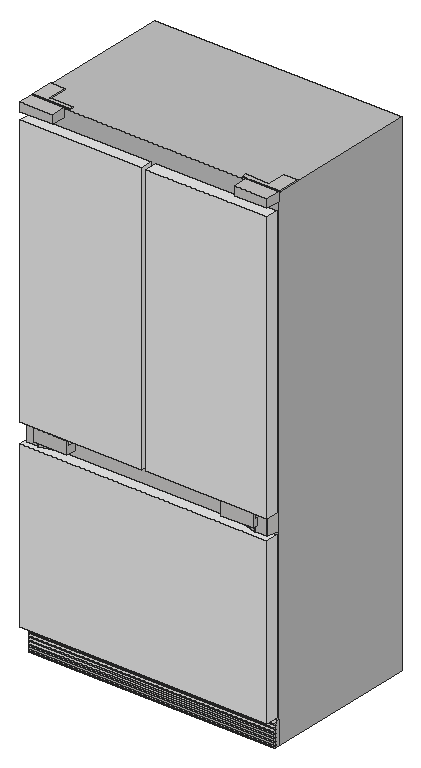
Revit family "FP-Revit20-RS90A1-FrenchDoorFridgeFreezer-0-90005038A-NZ-AU-UK-IE-EU-CN-ASIA", category Specialty Equipment, Revit 2020
Family settings
  Round Connector Dimension = Use Diameter
  Part Type = Normal
  OmniClass Number = 23.40.40.11.11.17
  OmniClass Title = Refrigerator-Freezer
  Work Plane-Based = No
  Always vertical = Yes
  Cut with Voids When Loaded = Yes
  Shared = No
  Room Calculation Point = No
Parameters
  Visibility - Visibility Control Note = yes
  Visibility - Clearance Required = yes
  URL = "www.fisherpaykel.com"
  Stainless Steel Door Panels (RD90A) = no
  Product - Width = 906 mm  # constant formula
  Product - Height = 1798 mm  # constant formula
  Product - Depth = 604 mm  # constant formula
  Model = "RS90AJ1"
  Material - Trim = Fisher & Paykel - Stainless Steel
  Material - Rollers and Feet = Fisher & Paykel - Black
  Material - Door Structure = Fisher & Paykel - White
  Material - Door Front = Fisher & Paykel - Stainless Steel
  Material - Connections = Fisher & Paykel - Black
  Material - Body = Fisher & Paykel - Grey
  Manufacturer = "Fisher & Paykel Appliances"
  Handle Style - Contemporary Square Fine Black (AHD5RD90AB) = no
  Handle Style - Contemporary Square Fine (AHD5RD90A) = no
  Handle Style - Contemporary Square (RS90A) = no
  Handle Style - Contemporary Round (25329 AHS-ASBI-A) = no
  Description = "90cm Integrated French Door Refrigerator Freezer"
  Default Elevation = 0 mm
  Connector Description - Electrical = "230 V, 10 A, fused electrical supply"
  Chassis - Width = 890 mm  # constant formula
  Chassis - Height = 1788 mm  # constant formula
  Chassis - Depth = 561.4 mm  # constant formula
  Cavity - Width = 914 mm  # constant formula
  Cavity - Height = 1800 mm  # constant formula
  Cavity - Depth = 650 mm  # constant formula
Reference planes
  plane 1 "Center (Front/Back)": y = 0
  plane 2: z = 0
  plane 3 "Center (Left/Right)": x = 0
  plane 4 "Product LHS": x = -453
  plane 5 "Product RHS": x = 453
  plane 6 "Cavity - Depth": y = 650
  plane 7 "Cavity LHS": x = -457
  plane 8 "Cavity RHS": x = 457
  plane 9 "Product - Depth": y = 622
  plane 10 "Product Height": z = 1798
  plane 11 "Cavity Height": z = 1800
  plane 12 "Datum": y = 18
Forms (mm)
  Extrusion 1, solid, material "Fisher & Paykel - Grey" <- "Material - Body"
    sketch origin (0, 0, 0) x (0, 1, 0) y (0, 0, 1)
      loop
        line (68.89, 6.6) -> (622, 6.6) -> (622, 1794.6) -> (68.89, 1794.6) -> (68.89, 6.6)
    from -445 to 445
  Extrusion 2, solid, material "Fisher & Paykel - Black" <- "Material - Rollers and Feet"
    sketch origin (0, 0, -4) x (0, 1, 0) y (0, 0, 1)
      loop
        arc (120.09, 10.6) -> (136.133, 4) -> (152.177, 10.6) r 22.8
        line (152.177, 10.6) -> (120.09, 10.6)
      loop
        arc (555.39, 10.6) -> (571.433, 4) -> (587.477, 10.6) r 22.8
        line (587.477, 10.6) -> (555.39, 10.6)
    from 402 to 429
  Extrusion 3, solid, material "Fisher & Paykel - Clearance Required", visible <- "Visibility - Clearance Required", detail levels coarse
    sketch origin (0, 0, 0) x (0, 1, 0) y (0, 0, 1)
      loop
        line (-0.043, 696.43) -> (-359.921, 696.43) -> (-359.921, 631.801) -> (-401.921, 631.801) -> (-401.921, 615.801) -> (-359.921, 615.801) -> (-359.921, 100.03) -> (-0.043, 100.03) -> (-0.043, 696.43)
    from -453 to 453
  Extrusion 4, solid, material "Fisher & Paykel - White" <- "Material - Door Structure"
    sketch origin (0, 0, 0) x (1, 0, 0) y (0, 0, 1)
      loop
        line (-7.74, 1737.6) -> (-445, 1737.6) -> (-445, 763.6) -> (-7.74, 763.6) -> (-7.74, 1737.6)
      loop
        line (7.74, 1737.6) -> (7.74, 763.6) -> (445, 763.6) -> (445, 1737.6) -> (7.74, 1737.6)
      loop
        line (-445, 693.1) -> (-445, 101.1) -> (445, 101.1) -> (445, 693.1) -> (-445, 693.1)
    from -60.6 to -18
  Extrusion 5, solid, material "Fisher & Paykel - White" <- "Material - Door Structure"
    sketch origin (0, 0, 0) x (1, 0, 0) y (0, 0, 1)
      loop
        line (-434.6, 685.2) -> (-434.6, 109) -> (434.6, 109) -> (434.6, 685.2) -> (-434.6, 685.2)
      loop
        line (-13.88, 776) -> (-13.88, 1722.7) -> (-434.58, 1722.7) -> (-434.58, 776) -> (-13.88, 776)
      loop
        line (13.88, 776) -> (434.58, 776) -> (434.58, 1722.7) -> (13.88, 1722.7) -> (13.88, 776)
    from -68.89 to -60.552
  Extrusion 6, solid, material "Fisher & Paykel - Stainless Steel" <- "Material - Trim"
    sketch origin (0, -2, 0) x (1, 0, 0) y (0, 1, 0)
      loop
        line (-441.5, 70.89) -> (-434.782, 36.328)
        arc (-434.782, 36.328) -> (-433.745, 34.585) -> (-431.837, 33.9) r 3
        line (-431.837, 33.9) -> (-393.733, 33.9)
        arc (-393.733, 33.9) -> (-391.738, 34.034) -> (-389.779, 34.431) r 15
        line (-389.779, 34.431) -> (-320.032, 53.491) -> (320.032, 53.491) -> (389.779, 34.431)
        arc (389.779, 34.431) -> (391.738, 34.034) -> (393.733, 33.9) r 15
        line (393.733, 33.9) -> (431.837, 33.9)
        arc (431.837, 33.9) -> (433.745, 34.585) -> (434.782, 36.328) r 3
        line (434.782, 36.328) -> (441.5, 70.89) -> (-441.5, 70.89)
    from 696.967 to 759.03
  Extrusion 7, solid, material "Fisher & Paykel - Stainless Steel" <- "Material - Trim"
    sketch origin (0, -2, 0) x (0, 1, 0) y (0, 0, 1)
      loop
        line (20, 762.6) -> (20, 715.3) -> (70.89, 715.3) -> (70.89, 743.6) -> (25, 743.6) -> (25, 762.6) -> (20, 762.6)
    from 276.67 to 395
  Extrusion 8, solid, material "Fisher & Paykel - Stainless Steel" <- "Material - Trim"
    sketch origin (0, -2, 0) x (0, 1, 0) y (0, 0, -1)
      loop
        line (20, -762.6) -> (25, -762.6) -> (25, -743.6) -> (70.89, -743.6) -> (70.89, -715.3) -> (20, -715.3) -> (20, -762.6)
    from 276.67 to 395
  Extrusion 9, solid, material "Fisher & Paykel - Stainless Steel" <- "Material - Trim"
    sketch origin (0, 0, 0) x (1, 0, 0) y (0, 1, 0)
      loop
        line (-327.17, 18) -> (-327.17, 68.89) -> (-445, 68.89) -> (-445, 18) -> (-327.17, 18)
      loop
        line (445, 18) -> (445, 68.89) -> (327.17, 68.89) -> (327.17, 18) -> (445, 18)
    from 1765.6 to 1797.6
  Extrusion 10, solid, material "Fisher & Paykel - Stainless Steel" <- "Material - Trim", detail levels fine
    sketch origin (0, 0, 0) x (1, 0, 0) y (0, 1, 0)
      loop
        line (-445, 154.61) -> (-445, 73.11) -> (-311.45, 73.11) -> (-311.45, 88.11) -> (-394, 88.11) -> (-394, 154.61) -> (-445, 154.61)
      loop
        line (445, 154.61) -> (394.85, 154.61) -> (394.85, 88.11) -> (311.45, 88.11) -> (311.45, 73.11) -> (445, 73.11) -> (445, 154.61)
    from 1794.6 to 1797.6
  Extrusion 11, solid, material "Fisher & Paykel - Black" <- "Material - Rollers and Feet", detail levels fine
    sketch origin (0, 0, -4) x (0, 1, 0) y (0, 0, -1)
      loop
        line (120.09, -10.6) -> (152.177, -10.6)
        arc (152.177, -10.6) -> (136.133, -4) -> (120.09, -10.6) r 22.8
      loop
        line (555.39, -10.6) -> (587.477, -10.6)
        arc (587.477, -10.6) -> (571.433, -4) -> (555.39, -10.6) r 22.8
    from 402 to 429
  Extrusion 12, solid, material "Fisher & Paykel - Stainless Steel" <- "Material - Trim", detail levels fine
    sketch origin (0, -2, 0) x (0, 1, 0) y (0, 0, 1)
      loop
        line (24.91, 101.1) -> (24.91, 94.1) -> (50.15, 94.1) -> (50.15, 101.1) -> (24.91, 101.1)
    from -20.67 to 20.7
  Extrusion 13, solid, material "Fisher & Paykel - Stainless Steel" <- "Material - Trim", detail levels fine
    sketch origin (0, -2, 0) x (0, 1, 0) y (0, 0, 1)
      loop
        line (70.89, 90.613) -> (53.491, 85.951) -> (53.491, 81.639) -> (61.43, 81.639) -> (61.43, 75.465) -> (53.491, 73.338) -> (53.491, 69.031) -> (61.43, 69.031) -> (61.43, 62.857) -> (53.491, 60.73) -> (53.491, 56.423) -> (61.43, 56.423) -> (61.43, 50.254) -> (53.491, 48.127) -> (53.491, 43.821) -> (61.43, 43.821) -> (61.43, 37.652) -> (53.491, 35.525) -> (53.491, 31.218) -> (61.43, 31.218) -> (61.43, 25.049) -> (53.491, 22.922) -> (53.491, 18.585) -> (61.43, 18.585) -> (61.43, 12.447) -> (53.491, 10.32) -> (53.491, 6.6) -> (70.89, 6.6) -> (70.89, 90.613)
    from -445 to 445
  Extrusion 14, solid, material "Fisher & Paykel - Stainless Steel" <- "Material - Trim", detail levels coarse+medium
    sketch origin (0, -2, 0) x (0, 1, 0) y (0, 0, 1)
      loop
        line (70.89, 90.613) -> (53.491, 85.951) -> (53.491, 6.6) -> (70.89, 6.6) -> (70.89, 90.613)
    from -445 to 445
  Extrusion 15, void
    sketch origin (0, -2000, 0) x (1, 0, 0) y (0, 1, 0)
      loop
        line (-386.5, 2622) -> (-386.5, 2068.89) -> (386.5, 2068.89) -> (386.5, 2622) -> (-386.5, 2622)
    from 6.6 to 56.423
  Extrusion 16, solid, material "Fisher & Paykel - Stainless Steel" <- "Material - Door Front", visible <- "Stainless Steel Door Panels (RD90A)"
    sketch origin (0, 0, 0) x (1, 0, 0) y (0, 0, 1)
      loop
        line (-448, 696.43) -> (-448, 100.03) -> (448, 100.03) -> (448, 696.43) -> (-448, 696.43)
      loop
        line (-448, 700.43) -> (-2, 700.43) -> (-2, 1796.43) -> (-448, 1796.43) -> (-448, 700.43)
      loop
        line (2, 1796.43) -> (2, 700.43) -> (448, 700.43) -> (448, 1796.43) -> (2, 1796.43)
    from -18 to 0.043
  Extrusion 17, void
    sketch origin (0, -2, 0) x (1, 0, 0) y (0, 1, 0)
      loop
        arc (445, 57.948) -> (443.695, 54.796) -> (440.543, 53.491) r 4.457
        line (440.543, 53.491) -> (445, 53.491) -> (445, 57.948)
      loop
        line (-445, 57.948) -> (-445, 53.491) -> (-440.543, 53.491)
        arc (-440.543, 53.491) -> (-443.695, 54.796) -> (-445, 57.948) r 4.457
    from 6.6 to 100.03
  Extrusion 18, solid, material "Fisher & Paykel - Clearance Required", visible <- "Visibility - Clearance Required", detail levels coarse
    sketch origin (0, 0, 0) x (1, 0, 0) y (0, 1, 0)
      loop
        line (-457, 650) -> (-457, 18) -> (457, 18) -> (457, 650) -> (-457, 650)
    from 0 to 1800
  Extrusion 19, solid, material "Fisher & Paykel - Clearance Required", visible <- "Visibility - Clearance Required", detail levels coarse
    sketch origin (0, 0, 0) x (1, 0, 0) y (0, 1, 0)
      loop
        line (-453, -0.043) -> (-610.872, -338.602) -> (-647.125, -321.697) -> (-653.73, -335.861) -> (-617.477, -352.766) -> (-643.601, -408.788)
        arc (-643.601, -408.788) -> (-210.678, -380.413) -> (-2, -0.043) r 451
        line (-2, -0.043) -> (-453, -0.043)
      loop
        line (453, -0.043) -> (2, -0.043)
        arc (2, -0.043) -> (210.678, -380.413) -> (643.601, -408.788) r 451
        line (643.601, -408.788) -> (617.477, -352.766) -> (653.73, -335.861) -> (647.125, -321.697) -> (610.872, -338.602) -> (453, -0.043)
    from 700.43 to 1800
  Extrusion 20, void
    sketch origin (0, 0, 0) x (1, 0, 0) y (0, 0, 1)
      loop
        line (275, 69.031) -> (275, 200) -> (0, 200) -> (0, 69.031) -> (275, 69.031)
      loop
        circle (225, 135) r 3
      loop
        circle (50, 135) r 3
    from -622 to -620
  Extrusion 21, void
    sketch origin (0, 0, 0) x (1, 0, 0) y (0, 1, 0)
      loop
        line (-457, 650) -> (-457, 0) -> (457, 0) -> (457, 650) -> (-457, 650)
    from 0 to 1800
Cuts and joins
  Extrusion 15, Extrusion 20 cuts Extrusion 1
  Extrusion 17 cuts Extrusion 13
  Extrusion 17 cuts Extrusion 14
  joined: Extrusion 6, Extrusion 7, Extrusion 8
Lines and regions (mm)
  model lines, style "Fisher & Paykel"
    curve 1: line (-453, 18, 1796.43) -> (-2, 18, 1796.43)
    curve 2: line (-453, 18, 700.43) -> (-453, 18, 1796.43)
    curve 3: line (-2, 18, 700.43) -> (-453, 18, 700.43)
    curve 4: line (-2, 18, 1796.43) -> (-2, 18, 700.43)
    curve 5: line (2, 18, 700.43) -> (453, 18, 700.43)
    curve 6: line (2, 18, 1796.43) -> (2, 18, 700.43)
    curve 7: line (453, 18, 1796.43) -> (2, 18, 1796.43)
    curve 8: line (453, 18, 700.43) -> (453, 18, 1796.43)
    curve 9: line (-453, 18, 696.43) -> (453, 18, 696.43)
    curve 10: line (-453, 18, 100.03) -> (-453, 18, 696.43)
    curve 11: line (453, 18, 100.03) -> (-453, 18, 100.03)
    curve 12: line (453, 18, 696.43) -> (453, 18, 100.03)
Text (mm)
  text "Due to ongoing product development, product details are subject to change without notice. \nPlease always refer to www.fisherpaykel.com for the most current product information. \n© Fisher & Paykel 2020" at (41.04, -527.568, 0), in view "Ref. Level (Plan)"
Dimensions and locks
  equal spacing: plane 4 "Product LHS", plane 3 "Center (Left/Right)", plane 5 "Product RHS"
  "Product - Width": plane 4 "Product LHS" to plane 5 "Product RHS"
  "Cavity - Depth": plane 1 "Center (Front/Back)" to plane 6 "Cavity - Depth"
  equal spacing: plane 7 "Cavity LHS", plane 3 "Center (Left/Right)", plane 8 "Cavity RHS"
  "Cavity - Width": plane 7 "Cavity LHS" to plane 8 "Cavity RHS"
  "Product - Height": level to plane 10 "Product Height"
  "Cavity - Height": plane 11 "Cavity Height" to level
  "Chassis - Height": Extrusion 1 to Extrusion 1
  Extrusion 12 to Extrusion 14 = 94.5 mm
  locked: plane 1 "Center (Front/Back)" to plane 12 "Datum" at 18
  "Product - Depth": plane 9 "Product - Depth" to plane 12 "Datum"
  equal spacing: cut or joined group of Extrusion 1, Extrusion 15, Extrusion 20, plane 3 "Center (Left/Right)", cut or joined group of Extrusion 1, Extrusion 15, Extrusion 20  (x2)
  "Chassis - Width": cut or joined group of Extrusion 1, Extrusion 15, Extrusion 20 to cut or joined group of Extrusion 1, Extrusion 15, Extrusion 20
  aligned and locked: level to plane 2
  aligned and locked: Extrusion 17 to Extrusion 2
  aligned and locked: plane 9 "Product - Depth" to Extrusion 1
  aligned and locked: cut or joined group of Extrusion 1, Extrusion 15, Extrusion 20 to Extrusion 13
  aligned and locked: cut or joined group of Extrusion 1, Extrusion 15, Extrusion 20 to Extrusion 14
  aligned and locked: Extrusion 14 to cut or joined group of Extrusion 1, Extrusion 15, Extrusion 20
  aligned and locked: Extrusion 13 to cut or joined group of Extrusion 1, Extrusion 15, Extrusion 20
  aligned and locked: Extrusion 10 sketch curve to cut or joined group of Extrusion 1, Extrusion 15, Extrusion 20
  aligned and locked: Extrusion 4 sketch curve to cut or joined group of Extrusion 1, Extrusion 15, Extrusion 20  (x2)
  aligned and locked: Extrusion 4 sketch curve to Extrusion 4 sketch curve
  aligned and locked: cut or joined group of Extrusion 1, Extrusion 15, Extrusion 20 to Extrusion 4 sketch curve
  aligned and locked: Extrusion 17 sketch curve to cut or joined group of Extrusion 13, Extrusion 17
  aligned and locked: Extrusion 9 to Extrusion 17 sketch curve
  aligned and locked: Extrusion 17 sketch curve to Extrusion 9
  aligned and locked: plane 9 "Product - Depth" to Extrusion 20
Automatic sketch dimensions
  Extrusion 1 sketch curve to plane 9 "Product - Depth" = 0 mm
  level to Extrusion 1 sketch curve = 6.6 mm
  Extrusion 1 sketch curve to plane 12 "Datum" = 50.89 mm
  plane 10 "Product Height" to Extrusion 1 sketch curve = 3.4 mm
  level to Extrusion 2 sketch curve = 6.6 mm  (x2)
  Extrusion 2 sketch curve to plane 12 "Datum" = 102.09 mm
  Extrusion 2 sketch curve to Extrusion 2 sketch curve = 16.044 mm  (x2)
  Extrusion 2 sketch curve to plane 9 "Product - Depth" = 66.61 mm
  level to Extrusion 2 sketch curve = 22.8 mm  (x2)
  plane 1 "Center (Front/Back)" to Extrusion 3 sketch curve = 401.921 mm
  Extrusion 3 sketch curve to Extrusion 3 sketch curve = 42 mm
  level to Extrusion 3 sketch curve = 100.03 mm
  plane 1 "Center (Front/Back)" to Extrusion 3 sketch curve = 359.921 mm
  plane 1 "Center (Front/Back)" to Extrusion 3 sketch curve = 0.043 mm
  Extrusion 3 sketch curve to Extrusion 3 sketch curve = 515.771 mm
  Extrusion 3 sketch curve to Extrusion 3 sketch curve = 16 mm
  Extrusion 3 sketch curve to Extrusion 3 sketch curve = 64.629 mm
  Extrusion 4 sketch curve to plane 3 "Center (Left/Right)" = 7.74 mm
  plane 3 "Center (Left/Right)" to Extrusion 4 sketch curve = 7.74 mm
  level to Extrusion 4 sketch curve = 101.1 mm
  Extrusion 4 sketch curve to Extrusion 4 sketch curve = 592 mm
  Extrusion 4 sketch curve to Extrusion 4 sketch curve = 70.5 mm
  Extrusion 4 sketch curve to Extrusion 4 sketch curve = 0 mm
  plane 10 "Product Height" to Extrusion 4 sketch curve = 60.4 mm  (x2)
  Extrusion 5 sketch curve to plane 4 "Product LHS" = 18.4 mm
  Extrusion 5 sketch curve to plane 4 "Product LHS" = 18.42 mm
  Extrusion 5 sketch curve to plane 3 "Center (Left/Right)" = 13.88 mm
  plane 3 "Center (Left/Right)" to Extrusion 5 sketch curve = 13.88 mm
  plane 5 "Product RHS" to Extrusion 5 sketch curve = 18.42 mm
  plane 5 "Product RHS" to Extrusion 5 sketch curve = 18.4 mm
  level to Extrusion 5 sketch curve = 109 mm
  Extrusion 5 sketch curve to Extrusion 5 sketch curve = 576.2 mm
  Extrusion 5 sketch curve to Extrusion 5 sketch curve = 90.8 mm
  Extrusion 5 sketch curve to Extrusion 5 sketch curve = 0 mm  (x2)
  plane 10 "Product Height" to Extrusion 5 sketch curve = 75.3 mm
  Extrusion 6 sketch curve to plane 4 "Product LHS" = 11.5 mm
  Extrusion 6 sketch curve to plane 4 "Product LHS" = 18.218 mm
  Extrusion 6 sketch curve to Extrusion 6 sketch curve = 2.945 mm  (x2)
  Extrusion 6 sketch curve to plane 12 "Datum" = 13.9 mm
  Extrusion 6 sketch curve to Extrusion 6 sketch curve = 38.104 mm
  Extrusion 6 sketch curve to plane 12 "Datum" = 14.431 mm  (x2)
  Extrusion 6 sketch curve to Extrusion 6 sketch curve = 3.954 mm  (x2)
  Extrusion 6 sketch curve to plane 12 "Datum" = 33.491 mm
  Extrusion 6 sketch curve to Extrusion 6 sketch curve = 69.747 mm
  plane 5 "Product RHS" to Extrusion 6 sketch curve = 132.968 mm
  plane 5 "Product RHS" to Extrusion 6 sketch curve = 63.221 mm
  plane 5 "Product RHS" to Extrusion 6 sketch curve = 21.163 mm
  plane 5 "Product RHS" to Extrusion 6 sketch curve = 11.5 mm
  Extrusion 6 sketch curve to plane 1 "Center (Front/Back)" = 31.9 mm
  Extrusion 6 sketch curve to Extrusion 6 sketch curve = 2.428 mm  (x2)
  Extrusion 6 sketch curve to Extrusion 6 sketch curve = 34.562 mm
  Extrusion 7 sketch curve to plane 12 "Datum" = 0 mm
  Extrusion 7 sketch curve to Extrusion 7 sketch curve = 5 mm
  Extrusion 7 sketch curve to Extrusion 7 sketch curve = 50.89 mm
  level to Extrusion 7 sketch curve = 715.3 mm
  Extrusion 7 sketch curve to Extrusion 7 sketch curve = 28.3 mm
  Extrusion 7 sketch curve to Extrusion 7 sketch curve = 19 mm
  Extrusion 8 sketch curve to plane 12 "Datum" = 0 mm
  Extrusion 8 sketch curve to Extrusion 8 sketch curve = 5 mm
  Extrusion 8 sketch curve to Extrusion 8 sketch curve = 50.89 mm
  level to Extrusion 8 sketch curve = 762.6 mm
  Extrusion 8 sketch curve to Extrusion 8 sketch curve = 19 mm
  Extrusion 8 sketch curve to Extrusion 8 sketch curve = 28.3 mm
  plane 12 "Datum" to Extrusion 9 sketch curve = 0 mm  (x2)
  Extrusion 9 sketch curve to plane 4 "Product LHS" = 8 mm
  Extrusion 9 sketch curve to plane 12 "Datum" = 50.89 mm  (x2)
  Extrusion 9 sketch curve to Extrusion 9 sketch curve = 117.83 mm
  plane 5 "Product RHS" to Extrusion 9 sketch curve = 125.83 mm
  plane 5 "Product RHS" to Extrusion 9 sketch curve = 8 mm
  Extrusion 10 sketch curve to Extrusion 10 sketch curve = 51 mm
  Extrusion 10 sketch curve to Extrusion 10 sketch curve = 82.55 mm
  Extrusion 10 sketch curve to plane 12 "Datum" = 55.11 mm  (x2)
  plane 5 "Product RHS" to Extrusion 10 sketch curve = 141.55 mm
  plane 5 "Product RHS" to Extrusion 10 sketch curve = 58.15 mm
  plane 5 "Product RHS" to Extrusion 10 sketch curve = 8 mm
  Extrusion 10 sketch curve to Extrusion 10 sketch curve = 15 mm  (x2)
  Extrusion 10 sketch curve to Extrusion 10 sketch curve = 66.5 mm  (x2)
  level to Extrusion 11 sketch curve = 6.6 mm  (x2)
  Extrusion 11 sketch curve to plane 12 "Datum" = 102.09 mm
  Extrusion 11 sketch curve to Extrusion 11 sketch curve = 16.044 mm  (x2)
  Extrusion 11 sketch curve to plane 9 "Product - Depth" = 66.61 mm
  level to Extrusion 11 sketch curve = 22.8 mm  (x2)
  Extrusion 12 sketch curve to plane 12 "Datum" = 4.91 mm
  Extrusion 12 sketch curve to Extrusion 12 sketch curve = 25.24 mm
  level to Extrusion 12 sketch curve = 94.1 mm
  Extrusion 12 sketch curve to Extrusion 12 sketch curve = 7 mm
  Extrusion 13 sketch curve to plane 12 "Datum" = 33.491 mm  (x3)
  level to Extrusion 13 sketch curve = 6.6 mm
  Extrusion 13 sketch curve to Extrusion 13 sketch curve = 0 mm  (x8)
  Extrusion 13 sketch curve to Extrusion 13 sketch curve = 7.939 mm  (x2)
  Extrusion 13 sketch curve to Extrusion 13 sketch curve = 9.46 mm
  Extrusion 13 sketch curve to Extrusion 13 sketch curve = 3.72 mm
  Extrusion 13 sketch curve to Extrusion 13 sketch curve = 2.127 mm
  Extrusion 13 sketch curve to Extrusion 13 sketch curve = 8.266 mm
  Extrusion 13 sketch curve to Extrusion 13 sketch curve = 4.337 mm
  Extrusion 13 sketch curve to Extrusion 13 sketch curve = 6.464 mm
  Extrusion 13 sketch curve to Extrusion 13 sketch curve = 6.169 mm  (x3)
  Extrusion 13 sketch curve to Extrusion 13 sketch curve = 4.306 mm  (x4)
  Extrusion 13 sketch curve to Extrusion 13 sketch curve = 6.433 mm  (x4)
  Extrusion 13 sketch curve to Extrusion 13 sketch curve = 6.175 mm  (x2)
  Extrusion 13 sketch curve to Extrusion 13 sketch curve = 4.312 mm
  Extrusion 13 sketch curve to Extrusion 13 sketch curve = 8.974 mm
  Extrusion 14 sketch curve to plane 12 "Datum" = 33.491 mm
  level to Extrusion 14 sketch curve = 6.6 mm
  Extrusion 14 sketch curve to Extrusion 14 sketch curve = 17.399 mm
  Extrusion 14 sketch curve to Extrusion 14 sketch curve = 79.351 mm
  Extrusion 14 sketch curve to Extrusion 14 sketch curve = 4.662 mm
  Extrusion 15 sketch curve to plane 9 "Product - Depth" = 0 mm
  Extrusion 15 sketch curve to plane 4 "Product LHS" = 66.5 mm
  plane 5 "Product RHS" to Extrusion 15 sketch curve = 66.5 mm
  Extrusion 15 sketch curve to plane 12 "Datum" = 50.89 mm
  Extrusion 16 sketch curve to plane 4 "Product LHS" = 5 mm  (x2)
  plane 5 "Product RHS" to Extrusion 16 sketch curve = 5 mm  (x2)
  Extrusion 16 sketch curve to plane 3 "Center (Left/Right)" = 2 mm
  plane 3 "Center (Left/Right)" to Extrusion 16 sketch curve = 2 mm
  level to Extrusion 16 sketch curve = 100.03 mm
  Extrusion 16 sketch curve to Extrusion 16 sketch curve = 596.4 mm
  Extrusion 16 sketch curve to Extrusion 16 sketch curve = 4 mm
  Extrusion 16 sketch curve to Extrusion 16 sketch curve = 0 mm
  plane 10 "Product Height" to Extrusion 16 sketch curve = 1.57 mm  (x2)
  Extrusion 17 sketch curve to Extrusion 17 sketch curve = 4.457 mm  (x2)
  Extrusion 17 sketch curve to plane 12 "Datum" = 33.491 mm
  Extrusion 18 sketch curve to plane 7 "Cavity LHS" = 0 mm
  Extrusion 18 sketch curve to plane 8 "Cavity RHS" = 0 mm
  plane 12 "Datum" to Extrusion 18 sketch curve = 0 mm
  plane 6 "Cavity - Depth" to Extrusion 18 sketch curve = 0 mm
  Extrusion 19 sketch curve to plane 4 "Product LHS" = 0 mm  (x2)
  Extrusion 19 sketch curve to plane 5 "Product RHS" = 0 mm  (x2)
  plane 7 "Cavity LHS" to Extrusion 19 sketch curve = 153.872 mm
  Extrusion 19 sketch curve to Extrusion 19 sketch curve = 6.605 mm  (x3)
  Extrusion 19 sketch curve to Extrusion 19 sketch curve = 26.124 mm
  Extrusion 19 sketch curve to Extrusion 19 sketch curve = 36.252 mm  (x2)
  plane 1 "Center (Front/Back)" to Extrusion 19 sketch curve = 0.043 mm  (x2)
  Extrusion 19 sketch curve to plane 3 "Center (Left/Right)" = 2 mm
  plane 3 "Center (Left/Right)" to Extrusion 19 sketch curve = 2 mm
  Extrusion 19 sketch curve to plane 8 "Cavity RHS" = 153.872 mm
  plane 1 "Center (Front/Back)" to Extrusion 19 sketch curve = 408.788 mm
  plane 1 "Center (Front/Back)" to Extrusion 19 sketch curve = 335.861 mm
  Extrusion 20 sketch curve to plane 3 "Center (Left/Right)" = 0 mm
  plane 3 "Center (Left/Right)" to Extrusion 20 sketch curve = 50 mm
  Extrusion 20 sketch curve to Extrusion 20 sketch curve = 175 mm
  Extrusion 20 sketch curve to Extrusion 20 sketch curve = 50 mm
  level to Extrusion 20 sketch curve = 69.031 mm
  Extrusion 20 sketch curve to Extrusion 20 sketch curve = 65.969 mm  (x2)
  Extrusion 20 sketch curve to Extrusion 20 sketch curve = 65 mm
  Extrusion 21 sketch curve to plane 7 "Cavity LHS" = 0 mm
  Extrusion 21 sketch curve to plane 8 "Cavity RHS" = 0 mm
  plane 12 "Datum" to Extrusion 21 sketch curve = 18 mm
  plane 6 "Cavity - Depth" to Extrusion 21 sketch curve = 0 mm
  plane 4 "Product LHS" to curve 1 = 0 mm
  plane 5 "Product RHS" to curve 8 = 0 mm
  plane 4 "Product LHS" to curve 9 = 0 mm
  plane 5 "Product RHS" to curve 9 = 0 mm
  plane 10 "Product Height" to curve 1 = 1.57 mm
  plane 10 "Product Height" to curve 8 = 1.57 mm
  level to curve 5 = 700.43 mm
  curve 4 to plane 3 "Center (Left/Right)" = 2 mm
  curve 4 to curve 5 = 0 mm
  curve 2 to curve 9 = 4 mm
  level to curve 11 = 100.03 mm
  plane 3 "Center (Left/Right)" to curve 7 = 2 mm
  radius of Extrusion 20 sketch curve = 3 mm  (x2)
Nested families
  nested 1: "F&P Handle Kit - Contemporary Square - Horizontal" at (0, 0, 623.802), visible <- "Handle Style - Contemporary Square (RS90A)", type "RS90A - Contemporary square handle (2 of 2) (Horizontal) 746mm"
  nested 2: "F&P Handle Kit - Contemporary Square - Vertical" at (67.3, 0, 1128.5), visible <- "Handle Style - Contemporary Square (RS90A)", type "RS90A - Contemporary square handle (1 of 2) (Vertical) 727mm"
  nested 3: "F&P Handle Kit - Contemporary Square - Vertical" at (-67.3, 0, 1128.5), visible <- "Handle Style - Contemporary Square (RS90A)", type "RS90A - Contemporary square handle (1 of 2) (Vertical) 727mm"
  nested 4: "Comment Marker 2D" at (0, 95.815, 0), visible <- "Visibility - Visibility Control Note", type "Active"
  nested 5: "F&P Handle Kit - Contemporary Round - Horizontal" at (0, -0.043, 623.78), visible <- "Handle Style - Contemporary Round (25329 AHS-ASBI-A)", type "25329 AHS-ASBI-A - Contemporary round handle (2 of 2) (Horizontal) 746mm"
  nested 6: "F&P Handle Kit - Contemporary Round - Vertical" at (-67.3, -0.043, 1128.5), visible <- "Handle Style - Contemporary Round (25329 AHS-ASBI-A)", type "25329 AHS-ASBI-A - Contemporary round handle (1 of 2) (Vertical) 727mm"
  nested 7: "F&P Handle Kit - Contemporary Square Fine - Horizontal" at (0, -0.043, 623.78), visible <- "Handle Style - Contemporary Square Fine (AHD5RD90A)", type "AHD5RD90A - Contemporary square fine handle (2 of 2) (Horizontal) 746mm"
  nested 8: "F&P Handle Kit - Contemporary Square Fine - Horizontal" at (0, -0.043, 623.78), visible <- "Handle Style - Contemporary Square Fine Black (AHD5RD90AB)", type "AHD5RD90AB - Contemporary square fine black handle (2 of 2) (Horizontal) 746mm"
  nested 9: "F&P Handle Kit - Contemporary Square Fine - Vertical" at (-67.3, -0.043, 1128.5), visible <- "Handle Style - Contemporary Square Fine (AHD5RD90A)", type "AHD5RD90A - Contemporary square fine handle (1 of 2) (Vertical) 727mm"
  nested 10: "F&P Handle Kit - Contemporary Square Fine - Vertical" at (-67.3, -0.043, 1128.5), visible <- "Handle Style - Contemporary Square Fine Black (AHD5RD90AB)", type "AHD5RD90AB - Contemporary square fine black handle (1 of 2) (Vertical) 727mm"
  nested 11: "F&P Handle Kit - Contemporary Round - Vertical" at (67.3, -0.043, 1128.5), visible <- "Handle Style - Contemporary Round (25329 AHS-ASBI-A)", type "25329 AHS-ASBI-A - Contemporary round handle (1 of 2) (Vertical) 727mm"
  nested 12: "F&P Handle Kit - Contemporary Square Fine - Vertical" at (67.3, -0.043, 1128.5), visible <- "Handle Style - Contemporary Square Fine (AHD5RD90A)", type "AHD5RD90A - Contemporary square fine handle (1 of 2) (Vertical) 727mm"
  nested 13: "F&P Handle Kit - Contemporary Square Fine - Vertical" at (67.3, -0.043, 1128.5), visible <- "Handle Style - Contemporary Square Fine Black (AHD5RD90AB)", type "AHD5RD90AB - Contemporary square fine black handle (1 of 2) (Vertical) 727mm"
Connectors
  electrical at (50, 622, 135), driven by "Connector Description - Electrical"
    settings: on cut or joined group of Extrusion 1, Extrusion 15, Extrusion 20, index 1, voltage 230 V, apparent load 0 VA, apparent load phase1 0 VA, apparent load phase2 0 VA, apparent load phase3 0 VA, power factor 1, load classification "Other", number of poles 1, system type 30, power factor state 1, is connector primary yes, connector utility no, sub classification motor no, connector description "230 V, 10 A, fused electrical supply"
Definition of nested family "F&P Handle Kit - Contemporary Square - Horizontal"
  Parameters (values of type "RS90A - Contemporary square handle (2 of 2) (Horizontal) 746mm")
    URL = "www.fisherpaykel.com"
    Material - Handle = none
    Manufacturer = "Fisher & Paykel Appliances"
    Handle - Length = 746 mm
    Default Elevation = 0 mm
  Types (9, lengths in mm): name | Handle - Length
    (no name) | 746
    AHD3RD2484W - Contemporary square handle (2 of 2) (Horizontal) 494mm | 494
    AHD3RD3084W - Contemporary square handle (2 of 2) (Horizontal) 646mm | 646
    AHD3RS3272A - Contemporary square handle (2 of 2) (Horizontal) 646mm | 646
    AHD3RS80A - Contemporary square handle (2 of 2) (Horizontal) 646mm | 646
    AHD3RD6121W - Contemporary square handle (2 of 2) (Horizontal) 494mm | 494
    AHD3RD7621W - Contemporary square handle (2 of 2) (Horizontal) 646mm | 646
    RS36A - Contemporary square handle (2 of 2) (Horizontal) 746mm | 746
    RS90A - Contemporary square handle (2 of 2) (Horizontal) 746mm | 746
  Reference planes
    plane 1 "Center (Front/Back)": y = 0
    plane 2: z = 0
    plane 3 "Center (Left/Right)": x = 0
    plane 4 "Product LHS": x = -373
    plane 5 "Product RHS": x = 373
    plane 6 "LHS Standoff": x = -252.995
    plane 7 "RHS Standoff": x = 253.005
  Forms (mm)
    Extrusion 1, solid, material <- "Material - Handle", detail levels fine
      sketch origin (0, 0, 0) x (0, 1, 0) y (0, 0, 1)
        loop
          arc (-28.701, 7.561) -> (-29.057, 7.868) -> (-29.514, 7.978) r 1
          line (-29.514, 7.978) -> (-40.5, 7.978)
          arc (-40.5, 7.978) -> (-41.561, 7.539) -> (-42, 6.478) r 1.5
          line (-42, 6.478) -> (-42, -6.522)
          arc (-42, -6.522) -> (-41.561, -7.583) -> (-40.5, -8.022) r 1.5
          line (-40.5, -8.022) -> (-29.487, -8.022)
          arc (-29.487, -8.022) -> (-29.029, -7.911) -> (-28.673, -7.602) r 1
          arc (-28.673, -7.602) -> (-26.256, -0.016) -> (-28.701, 7.561) r 13.038
      from -373 to 373
    Extrusion 2, solid, material <- "Material - Handle", detail levels fine
      sketch origin (0, 0, 0) x (0, 1, 0) y (0, 0, 1)
        loop
          arc (-28.23, 7.062) -> (-26.156, 0.008) -> (-28.198, -7.056) r 13.136
          arc (-28.198, -7.056) -> (-28.21, -7.463) -> (-27.86, -7.67) r 0.4
          line (-27.86, -7.67) -> (0, -7.67) -> (0, 7.678) -> (-27.893, 7.678)
          arc (-27.893, 7.678) -> (-28.244, 7.47) -> (-28.23, 7.062) r 0.4
      from 253.005 to 373
    Extrusion 3, solid, material <- "Material - Handle", detail levels fine
      sketch origin (0, 0, 0) x (0, 1, 0) y (0, 0, -1)
        loop
          arc (-28.23, -7.062) -> (-28.244, -7.47) -> (-27.893, -7.678) r 0.4
          line (-27.893, -7.678) -> (0, -7.678) -> (0, 7.67) -> (-27.86, 7.67)
          arc (-27.86, 7.67) -> (-28.21, 7.463) -> (-28.198, 7.056) r 0.4
          arc (-28.198, 7.056) -> (-26.156, -0.008) -> (-28.23, -7.062) r 13.136
      from 252.995 to 373
    Sweep 4, void
      path in 3D
        loop
          line (373, -29.514, 7.978) -> (373, -40.5, 7.978)
          arc (373, -40.5, 7.978) -> (373, -41.561, 7.539) -> (373, -42, 6.478) r 1.5
          line (373, -42, 6.478) -> (373, -42, -6.522)
          arc (373, -42, -6.522) -> (373, -41.561, -7.583) -> (373, -40.5, -8.022) r 1.5
          line (373, -40.5, -8.022) -> (373, -29.487, -8.022)
      profile origin (373, -35.007, 7.978) x (1, 0, 0) y (0, 0, 1)
        loop
          line (0, 0) -> (-1.3, 0) -> (0, -1.3) -> (0, 0)
    Sweep 5, void
      path in 3D
        loop
          line (-373, -29.487, -8.022) -> (-373, -40.5, -8.022)
          arc (-373, -40.5, -8.022) -> (-373, -41.561, -7.583) -> (-373, -42, -6.522) r 1.5
          line (-373, -42, -6.522) -> (-373, -42, 6.478)
          arc (-373, -42, 6.478) -> (-373, -41.561, 7.539) -> (-373, -40.5, 7.978) r 1.5
          line (-373, -40.5, 7.978) -> (-373, -29.514, 7.978)
      profile origin (-373, -35.007, 7.978) x (-1, 0, 0) y (0, 0, 1)
        loop
          line (0, 0) -> (-1.3, 0) -> (0, -1.3) -> (0, 0)
    Extrusion 6, void
      sketch origin (0, 0, 0) x (1, 0, 0) y (0, 0, 1)
        loop
          line (373, 7.978) -> (371.7, 7.978) -> (373, 6.678) -> (373, 7.978)
        loop
          line (373, -8.022) -> (373, -6.722) -> (371.7, -8.022) -> (373, -8.022)
      from 0 to 40
    Extrusion 7, void
      sketch origin (0, 0, 0) x (1, 0, 0) y (0, 0, 1)
        loop
          line (-373, 7.978) -> (-373, 6.678) -> (-371.7, 7.978) -> (-373, 7.978)
        loop
          line (-373, -8.022) -> (-371.7, -8.022) -> (-373, -6.722) -> (-373, -8.022)
      from 0 to 40
    Extrusion 8, solid, material <- "Material - Handle", detail levels coarse+medium
      sketch origin (0, 0, 0) x (1, 0, 0) y (0, 1, 0)
        loop
          line (-373, -42) -> (373, -42) -> (373, 0) -> (253.005, 0) -> (253.005, -26.156) -> (-252.995, -26.156) -> (-252.995, 0) -> (-373, 0) -> (-373, -42)
      from -8.022 to 7.978
  Cuts and joins
    Sweep 4, Sweep 5, Extrusion 6, Extrusion 7 cuts Extrusion 1
    Extrusion 6 cuts Extrusion 2
    Extrusion 7 cuts Extrusion 3
  Lines and regions (mm)
    sketch lines
      curve 1: line (373, -29.514, 7.978) -> (373, -40.5, 7.978)
      curve 2: arc (373, -42, 6.478) -> (373, -41.561, 7.539) -> (373, -40.5, 7.978) r 1.5
      curve 3: line (373, -42, 6.478) -> (373, -42, -6.522)
      curve 4: arc (373, -40.5, -8.022) -> (373, -41.561, -7.583) -> (373, -42, -6.522) r 1.5
      curve 5: line (373, -40.5, -8.022) -> (373, -29.487, -8.022)
      curve 6: line (-373, -40.5, 7.978) -> (-373, -29.514, 7.978)
      curve 7: arc (-373, -40.5, 7.978) -> (-373, -41.561, 7.539) -> (-373, -42, 6.478) r 1.5
      curve 8: line (-373, -42, -6.522) -> (-373, -42, 6.478)
      curve 9: arc (-373, -42, -6.522) -> (-373, -41.561, -7.583) -> (-373, -40.5, -8.022) r 1.5
      curve 10: line (-373, -29.487, -8.022) -> (-373, -40.5, -8.022)
  Dimensions and locks
    equal spacing: plane 4 "Product LHS", plane 3 "Center (Left/Right)", plane 5 "Product RHS"
    "Handle - Length": plane 4 "Product LHS" to plane 5 "Product RHS"
    locked: plane 4 "Product LHS" to plane 6 "LHS Standoff" at 120.005
    locked: plane 7 "RHS Standoff" to plane 5 "Product RHS" at 119.995
    aligned and locked: level to plane 2
    aligned and locked: Extrusion 1 to plane 5 "Product RHS"
    aligned and locked: plane 4 "Product LHS" to Extrusion 1
    aligned and locked: Extrusion 2 to plane 5 "Product RHS"
    aligned and locked: plane 4 "Product LHS" to Extrusion 3
    aligned and locked: plane 4 "Product LHS" to Extrusion 8 sketch curve
    aligned and locked: Extrusion 8 sketch curve to plane 5 "Product RHS"
    aligned and locked: Extrusion 8 sketch curve to plane 7 "RHS Standoff"
    aligned and locked: plane 6 "LHS Standoff" to Extrusion 8 sketch curve
    aligned and locked: Extrusion 2 to plane 7 "RHS Standoff"
    aligned and locked: plane 6 "LHS Standoff" to Extrusion 3
  Automatic sketch dimensions
    Extrusion 1 sketch curve to level = 6.522 mm
    plane 1 "Center (Front/Back)" to Extrusion 1 sketch curve = 42 mm
    Extrusion 1 sketch curve to Extrusion 1 sketch curve = 1.5 mm  (x2)
    Extrusion 1 sketch curve to level = 0.04 mm
    Extrusion 1 sketch curve to Extrusion 1 sketch curve = 1.206 mm
    level to Extrusion 1 sketch curve = 6.978 mm
    Extrusion 1 sketch curve to Extrusion 1 sketch curve = 10.986 mm
    Extrusion 1 sketch curve to Extrusion 1 sketch curve = 11.013 mm
    Extrusion 1 sketch curve to Extrusion 1 sketch curve = 1 mm
    level to Extrusion 1 sketch curve = 6.478 mm
    Extrusion 1 sketch curve to Extrusion 1 sketch curve = 0 mm
    Extrusion 2 sketch curve to plane 1 "Center (Front/Back)" = 0 mm
    Extrusion 2 sketch curve to level = 7.67 mm
    Extrusion 2 sketch curve to Extrusion 2 sketch curve = 27.86 mm
    level to Extrusion 2 sketch curve = 7.678 mm
    Extrusion 2 sketch curve to Extrusion 2 sketch curve = 0.033 mm
    Extrusion 2 sketch curve to level = 0.022 mm
    Extrusion 2 sketch curve to Extrusion 2 sketch curve = 11.398 mm
    Extrusion 2 sketch curve to Extrusion 2 sketch curve = 0.4 mm  (x2)
    Extrusion 2 sketch curve to Extrusion 2 sketch curve = 0 mm
    Extrusion 3 sketch curve to plane 1 "Center (Front/Back)" = 0 mm
    Extrusion 3 sketch curve to level = 7.67 mm
    Extrusion 3 sketch curve to Extrusion 3 sketch curve = 27.86 mm
    level to Extrusion 3 sketch curve = 7.678 mm
    Extrusion 3 sketch curve to Extrusion 3 sketch curve = 0.033 mm
    Extrusion 3 sketch curve to level = 0.022 mm
    Extrusion 3 sketch curve to Extrusion 3 sketch curve = 11.398 mm
    Extrusion 3 sketch curve to Extrusion 3 sketch curve = 0.4 mm  (x2)
    Extrusion 3 sketch curve to Extrusion 3 sketch curve = 0 mm
    profile plane to Sweep 4 sketch curve = 0 mm
    Sweep 4 sketch curve to profile plane = 0 mm
    Sweep 4 sketch curve to profile plane = 1.3 mm
    profile plane to Sweep 4 sketch curve = 1.3 mm
    Sweep 5 sketch curve to profile plane = 0 mm  (x2)
    profile plane to Sweep 5 sketch curve = 1.3 mm
    Sweep 5 sketch curve to profile plane = 1.3 mm
    plane 5 "Product RHS" to Extrusion 6 sketch curve = 0 mm  (x2)
    Extrusion 6 sketch curve to Extrusion 6 sketch curve = 1.3 mm  (x4)
    Extrusion 6 sketch curve to level = 6.722 mm
    level to Extrusion 6 sketch curve = 6.678 mm
    plane 4 "Product LHS" to Extrusion 7 sketch curve = 0 mm  (x2)
    Extrusion 7 sketch curve to plane 4 "Product LHS" = 1.3 mm  (x2)
    Extrusion 7 sketch curve to level = 8.022 mm
    level to Extrusion 7 sketch curve = 6.678 mm
    Extrusion 7 sketch curve to Extrusion 7 sketch curve = 1.3 mm  (x2)
    plane 1 "Center (Front/Back)" to Extrusion 8 sketch curve = 0 mm  (x2)
    Extrusion 8 sketch curve to Extrusion 8 sketch curve = 26.156 mm
    Extrusion 8 sketch curve to Extrusion 8 sketch curve = 42 mm
Definition of nested family "F&P Handle Kit - Contemporary Square - Vertical"
  Parameters (values of type "RS90A - Contemporary square handle (1 of 2) (Vertical) 727mm")
    URL = "www.fisherpaykel.com"
    Material - Handle = none
    Manufacturer = "Fisher & Paykel Appliances"
    Handle - Length = 727 mm
    Default Elevation = 0 mm
  Types (11, lengths in mm): name | Handle - Length
    (no name) | 727
    AHD3-RD21 - Contemporary square handle (Vertical) 852mm | 852
    AHD3RD2484W - Contemporary square handle (1 of 2) (Vertical) 727mm | 727
    AHD3RD3084W - Contemporary square handle (1 of 2) (Vertical) 727mm | 727
    AHD3-RD84 - Contemporary square handle (Vertical) 852mm | 852
    AHD3RS3272A - Contemporary square handle (1 of 2) (Vertical) 727mm | 727
    AHD3RS80A - Contemporary square handle (1 of 2) (Vertical) 727mm | 727
    AHD3RD6121W - Contemporary square handle (1 of 2) (Vertical) 727mm | 727
    AHD3RD7621W - Contemporary square handle (1 of 2) (Vertical) 727mm | 727
    RS36A - Contemporary square handle (1 of 2) (Vertical) 727mm | 727
    RS90A - Contemporary square handle (1 of 2) (Vertical) 727mm | 727
  Reference planes
    plane 1 "Center (Front/Back)": y = 0
    plane 2: z = 0
    plane 3 "Center (Left/Right)": x = 0
    plane 4 "Top": z = 363.5
    plane 5 "Bottom": z = -363.5
    plane 6 "Top Standoff": z = 243.5
    plane 7 "Bottom Standoff": z = -243.5
  Forms (mm)
    Extrusion 1, solid, material <- "Material - Handle", detail levels fine
      sketch origin (0, 0, 0) x (1, 0, 0) y (0, 1, 0)
        loop
          arc (-7.583, -28.701) -> (-7.89, -29.057) -> (-8, -29.514) r 1
          line (-8, -29.514) -> (-8, -40.5)
          arc (-8, -40.5) -> (-7.561, -41.561) -> (-6.5, -42) r 1.5
          line (-6.5, -42) -> (6.5, -42)
          arc (6.5, -42) -> (7.561, -41.561) -> (8, -40.5) r 1.5
          line (8, -40.5) -> (8, -29.487)
          arc (8, -29.487) -> (7.889, -29.029) -> (7.58, -28.673) r 1
          arc (7.58, -28.673) -> (-0.006, -26.256) -> (-7.583, -28.701) r 13.038
      from -363.5 to 363.5
    Extrusion 2, solid, material <- "Material - Handle", detail levels fine
      sketch origin (0, 0, 0) x (1, 0, 0) y (0, 1, 0)
        loop
          arc (7.058, -28.23) -> (7.466, -28.244) -> (7.674, -27.893) r 0.4
          line (7.674, -27.893) -> (7.674, 0) -> (-7.674, 0) -> (-7.674, -27.86)
          arc (-7.674, -27.86) -> (-7.467, -28.21) -> (-7.06, -28.198) r 0.4
          arc (-7.06, -28.198) -> (0.004, -26.156) -> (7.058, -28.23) r 13.136
      from 243.5 to 363.5
    Extrusion 3, solid, material <- "Material - Handle", detail levels fine
      sketch origin (0, 0, 0) x (1, 0, 0) y (0, 1, 0)
        loop
          arc (7.058, -28.23) -> (7.466, -28.244) -> (7.674, -27.893) r 0.4
          line (7.674, -27.893) -> (7.674, 0) -> (-7.674, 0) -> (-7.674, -27.86)
          arc (-7.674, -27.86) -> (-7.467, -28.21) -> (-7.06, -28.198) r 0.4
          arc (-7.06, -28.198) -> (0.004, -26.156) -> (7.058, -28.23) r 13.136
      from -363.5 to -243.5
    Sweep 4, void
      path in 3D
        loop
          line (-8, -29.514, 363.5) -> (-8, -40.5, 363.5)
          arc (-8, -40.5, 363.5) -> (-7.561, -41.561, 363.5) -> (-6.5, -42, 363.5) r 1.5
          line (-6.5, -42, 363.5) -> (6.5, -42, 363.5)
          arc (6.5, -42, 363.5) -> (7.561, -41.561, 363.5) -> (8, -40.5, 363.5) r 1.5
          line (8, -40.5, 363.5) -> (8, -29.487, 363.5)
      profile origin (8, -34.994, 363.5) x (-1, 0, 0) y (0, 0, 1)
        loop
          line (0, 0) -> (0, -1.3) -> (1.3, 0) -> (0, 0)
    Sweep 5, void
      path in 3D
        loop
          line (8, -29.487, -363.5) -> (8, -40.5, -363.5)
          arc (8, -40.5, -363.5) -> (7.561, -41.561, -363.5) -> (6.5, -42, -363.5) r 1.5
          line (6.5, -42, -363.5) -> (-6.5, -42, -363.5)
          arc (-6.5, -42, -363.5) -> (-7.561, -41.561, -363.5) -> (-8, -40.5, -363.5) r 1.5
          line (-8, -40.5, -363.5) -> (-8, -29.514, -363.5)
      profile origin (8, -34.994, -363.5) x (-1, 0, 0) y (0, 0, -1)
        loop
          line (0, 0) -> (0, -1.3) -> (1.3, 0) -> (0, 0)
    Extrusion 6, void
      sketch origin (0, 0, 0) x (1, 0, 0) y (0, 0, 1)
        loop
          line (-8, -362.2) -> (-8, -363.5) -> (-6.7, -363.5) -> (-8, -362.2)
        loop
          line (8, -362.2) -> (6.7, -363.5) -> (8, -363.5) -> (8, -362.2)
      from 0 to 40
    Extrusion 7, void
      sketch origin (0, 0, 0) x (1, 0, 0) y (0, 0, 1)
        loop
          line (-8, 363.5) -> (-8, 362.2) -> (-6.7, 363.5) -> (-8, 363.5)
        loop
          line (8, 363.5) -> (6.7, 363.5) -> (8, 362.2) -> (8, 363.5)
      from 0 to 40
    Extrusion 8, solid, material <- "Material - Handle", detail levels coarse+medium
      sketch origin (0, 0, 0) x (0, 1, 0) y (0, 0, 1)
        loop
          line (0, 363.5) -> (-42, 363.5) -> (-42, -363.5) -> (0, -363.5) -> (0, -243.5) -> (-26.245, -243.5) -> (-26.245, 243.5) -> (0, 243.5) -> (0, 363.5)
      from -8 to 8
  Cuts and joins
    Sweep 4, Sweep 5, Extrusion 6, Extrusion 7 cuts Extrusion 1
    Extrusion 6 cuts Extrusion 3
    Extrusion 7 cuts Extrusion 2
  Lines and regions (mm)
    sketch lines
      curve 1: line (8, -40.5, 363.5) -> (8, -29.487, 363.5)
      curve 2: arc (8, -40.5, 363.5) -> (7.561, -41.561, 363.5) -> (6.5, -42, 363.5) r 1.5
      curve 3: line (-6.5, -42, 363.5) -> (6.5, -42, 363.5)
      curve 4: arc (-6.5, -42, 363.5) -> (-7.561, -41.561, 363.5) -> (-8, -40.5, 363.5) r 1.5
      curve 5: line (-8, -29.514, 363.5) -> (-8, -40.5, 363.5)
      curve 6: line (8, -29.487, -363.5) -> (8, -40.5, -363.5)
      curve 7: arc (6.5, -42, -363.5) -> (7.561, -41.561, -363.5) -> (8, -40.5, -363.5) r 1.5
      curve 8: line (6.5, -42, -363.5) -> (-6.5, -42, -363.5)
      curve 9: arc (-8, -40.5, -363.5) -> (-7.561, -41.561, -363.5) -> (-6.5, -42, -363.5) r 1.5
      curve 10: line (-8, -40.5, -363.5) -> (-8, -29.514, -363.5)
  Dimensions and locks
    equal spacing: plane 4 "Top", level, plane 5 "Bottom"
    "Handle - Length": plane 4 "Top" to plane 5 "Bottom"
    locked: plane 4 "Top" to plane 6 "Top Standoff" at 120
    locked: plane 7 "Bottom Standoff" to plane 5 "Bottom" at 120
    aligned and locked: level to plane 2
    aligned and locked: plane 4 "Top" to Extrusion 2
    aligned and locked: Extrusion 2 to plane 6 "Top Standoff"
    aligned and locked: plane 4 "Top" to Extrusion 1
    aligned and locked: Extrusion 1 to plane 5 "Bottom"
    aligned and locked: Extrusion 3 to plane 5 "Bottom"
    aligned and locked: plane 7 "Bottom Standoff" to Extrusion 3
    aligned and locked: plane 4 "Top" to Extrusion 8 sketch curve
    aligned and locked: plane 6 "Top Standoff" to Extrusion 8 sketch curve
    aligned and locked: plane 7 "Bottom Standoff" to Extrusion 8 sketch curve
    aligned and locked: plane 5 "Bottom" to Extrusion 8 sketch curve
    aligned and locked: plane 1 "Center (Front/Back)" to Extrusion 8 sketch curve  (x2)
  Automatic sketch dimensions
    Extrusion 1 sketch curve to plane 3 "Center (Left/Right)" = 8 mm
    Extrusion 1 sketch curve to Extrusion 1 sketch curve = 1 mm  (x2)
    Extrusion 1 sketch curve to Extrusion 1 sketch curve = 1.5 mm
    plane 3 "Center (Left/Right)" to Extrusion 1 sketch curve = 0.018 mm
    plane 3 "Center (Left/Right)" to Extrusion 1 sketch curve = 6.5 mm
    plane 3 "Center (Left/Right)" to Extrusion 1 sketch curve = 7 mm
    plane 1 "Center (Front/Back)" to Extrusion 1 sketch curve = 42 mm
    Extrusion 1 sketch curve to Extrusion 1 sketch curve = 1.206 mm
    Extrusion 1 sketch curve to Extrusion 1 sketch curve = 10.986 mm
    Extrusion 1 sketch curve to Extrusion 1 sketch curve = 11.013 mm
    Extrusion 1 sketch curve to Extrusion 1 sketch curve = 0 mm
    plane 1 "Center (Front/Back)" to Extrusion 2 sketch curve = 0 mm
    Extrusion 2 sketch curve to plane 3 "Center (Left/Right)" = 7.674 mm
    Extrusion 2 sketch curve to Extrusion 2 sketch curve = 0.4 mm  (x2)
    Extrusion 2 sketch curve to plane 3 "Center (Left/Right)" = 0.026 mm
    plane 3 "Center (Left/Right)" to Extrusion 2 sketch curve = 7.274 mm
    plane 1 "Center (Front/Back)" to Extrusion 2 sketch curve = 27.86 mm
    Extrusion 2 sketch curve to Extrusion 2 sketch curve = 0.033 mm
    Extrusion 2 sketch curve to Extrusion 2 sketch curve = 11.398 mm
    Extrusion 2 sketch curve to Extrusion 2 sketch curve = 0 mm
    plane 1 "Center (Front/Back)" to Extrusion 3 sketch curve = 0 mm
    Extrusion 3 sketch curve to Extrusion 3 sketch curve = 0.4 mm  (x2)
    Extrusion 3 sketch curve to Extrusion 3 sketch curve = 7.248 mm
    Extrusion 3 sketch curve to Extrusion 3 sketch curve = 7.3 mm
    plane 1 "Center (Front/Back)" to Extrusion 3 sketch curve = 27.86 mm
    Extrusion 3 sketch curve to Extrusion 3 sketch curve = 0.033 mm
    Extrusion 3 sketch curve to Extrusion 3 sketch curve = 11.398 mm
    Extrusion 3 sketch curve to Extrusion 3 sketch curve = 0 mm
    Sweep 4 sketch curve to profile plane = 0 mm  (x2)
    Sweep 4 sketch curve to profile plane = 1.3 mm  (x2)
    Sweep 5 sketch curve to profile plane = 0 mm  (x2)
    Sweep 5 sketch curve to profile plane = 1.3 mm  (x2)
    Extrusion 6 sketch curve to plane 5 "Bottom" = 0 mm  (x2)
    plane 5 "Bottom" to Extrusion 6 sketch curve = 1.3 mm  (x2)
    Extrusion 6 sketch curve to plane 3 "Center (Left/Right)" = 8 mm
    Extrusion 6 sketch curve to Extrusion 6 sketch curve = 1.3 mm  (x2)
    plane 3 "Center (Left/Right)" to Extrusion 6 sketch curve = 8 mm
    Extrusion 7 sketch curve to plane 4 "Top" = 0 mm  (x2)
    Extrusion 7 sketch curve to plane 3 "Center (Left/Right)" = 8 mm
    Extrusion 7 sketch curve to Extrusion 7 sketch curve = 1.3 mm  (x2)
    plane 3 "Center (Left/Right)" to Extrusion 7 sketch curve = 8 mm
    Extrusion 7 sketch curve to plane 4 "Top" = 1.3 mm  (x2)
    plane 1 "Center (Front/Back)" to Extrusion 8 sketch curve = 26.245 mm
    plane 1 "Center (Front/Back)" to Extrusion 8 sketch curve = 42 mm
    Extrusion 3 sketch curve to plane 3 "Center (Left/Right)" = 7.674 mm
Definition of nested family "F&P Handle Kit - Contemporary Round - Horizontal"
  Parameters (values of type "25374 AHS-ASBI-A - Contemporary round handle (2 of 2) (Horizontal) 746mm")
    URL = "www.fisherpaykel.com"
    Product - Width = 746 mm
    Model = ""
    Material - Handle = none
    Manufacturer = "Fisher & Paykel Appliances"
    Description = "Kit for RS36"
    Default Elevation = 0 mm
  Types (9, lengths in mm): name | Product - Width | Description
    (no name) | 746 | "Kit for RS36"
    AHSRD2484W - Contemporary round handle (2 of 2) (Horizontal) 494mm | 494 | ""
    AHSRD3084W - Contemporary round handle (2 of 2) (Horizontal) 646mm | 646 | ""
    AHSRS3272A - Contemporary round handle (2 of 2) (Horizontal) 646mm | 646 | ""
    AHSRS80A - Contemporary round handle (2 of 2) (Horizontal) 646mm | 646 | ""
    AHSRD6121W - Contemporary round handle (2 of 2) (Horizontal) 494mm | 494 | ""
    AHSRD7621W - Contemporary round handle (2 of 2) (Horizontal) 646mm | 646 | ""
    25374 AHS-ASBI-A - Contemporary round handle (2 of 2) (Horizontal) 746mm | 746 | "Kit for RS36"
    25329 AHS-ASBI-A - Contemporary round handle (2 of 2) (Horizontal) 746mm | 746 | "Kit for RS90"
  Reference planes
    plane 1 "Center (Front/Back)": y = 0
    plane 2: z = 0
    plane 3 "Center (Left/Right)": x = 0
    plane 4 "Product LHS": x = -373
    plane 5 "Product RHS": x = 373
    plane 6 "LHS Standoff": x = -252.995
    plane 7 "RHS Standoff": x = 253.005
  Forms (mm)
    Extrusion 1, solid, material <- "Material - Handle"
      sketch origin (0, 0, 0) x (0, 1, 0) y (0, 0, 1)
        loop
          circle (-32.3, 0) r 8.7
      from -252.995 to 253.005
    Extrusion 2, solid, material <- "Material - Handle", detail levels fine
      sketch origin (0, 0, 0) x (0, 1, 0) y (0, 0, 1)
        loop
          line (0, 8.7) -> (-32.3, 8.7)
          arc (-32.3, 8.7) -> (-41, 0) -> (-32.3, -8.7) r 8.7
          line (-32.3, -8.7) -> (0, -8.7) -> (0, 8.7)
      from 253.005 to 373
    Extrusion 3, solid, material <- "Material - Handle", detail levels fine
      sketch origin (0, 0, 0) x (0, 1, 0) y (0, 0, -1)
        loop
          line (0, -8.7) -> (0, 8.7) -> (-32.3, 8.7)
          arc (-32.3, 8.7) -> (-41, 0) -> (-32.3, -8.7) r 8.7
          line (-32.3, -8.7) -> (0, -8.7)
      from 252.995 to 373
    Sweep 4, void
      path in 3D
        loop
          line (373, 0, 8.7) -> (373, -32.3, 8.7)
          arc (373, -32.3, 8.7) -> (373, -41, 0) -> (373, -32.3, -8.7) r 8.7
          line (373, -32.3, -8.7) -> (373, 0, -8.7)
      profile origin (373, -16.15, 8.7) x (1, 0, 0) y (0, 0, 1)
        loop
          line (0, 0) -> (-1, 0) -> (0, -1) -> (0, 0)
    Sweep 5, void
      path in 3D
        loop
          line (-373, 0, -8.7) -> (-373, -32.3, -8.7)
          arc (-373, -32.3, -8.7) -> (-373, -41, 0) -> (-373, -32.3, 8.7) r 8.7
          line (-373, -32.3, 8.7) -> (-373, 0, 8.7)
      profile origin (-373, -16.15, 8.7) x (-1, 0, 0) y (0, 0, 1)
        loop
          line (0, 0) -> (-1, 0) -> (0, -1) -> (0, 0)
    Extrusion 6, solid, material <- "Material - Handle", detail levels coarse+medium
      sketch origin (0, 0, 0) x (0, 1, 0) y (0, 0, 1)
        loop
          line (0, 8.7) -> (-32.3, 8.7)
          arc (-32.3, 8.7) -> (-41, 0) -> (-32.3, -8.7) r 8.7
          line (-32.3, -8.7) -> (0, -8.7) -> (0, 8.7)
      from 253.005 to 373
    Extrusion 7, solid, material <- "Material - Handle", detail levels coarse+medium
      sketch origin (0, 0, 0) x (0, 1, 0) y (0, 0, -1)
        loop
          line (0, -8.7) -> (0, 8.7) -> (-32.3, 8.7)
          arc (-32.3, 8.7) -> (-41, 0) -> (-32.3, -8.7) r 8.7
          line (-32.3, -8.7) -> (0, -8.7)
      from 252.995 to 373
  Cuts and joins
    Sweep 4 cuts Extrusion 2
    Sweep 5 cuts Extrusion 3
  Lines and regions (mm)
    sketch lines
      curve 1: line (373, 0, 8.7) -> (373, -32.3, 8.7)
      curve 2: arc (373, -32.3, -8.7) -> (373, -41, 0) -> (373, -32.3, 8.7) r 8.7
      curve 3: line (373, -32.3, -8.7) -> (373, 0, -8.7)
      curve 4: line (-373, -32.3, 8.7) -> (-373, 0, 8.7)
      curve 5: arc (-373, -32.3, 8.7) -> (-373, -41, 0) -> (-373, -32.3, -8.7) r 8.7
      curve 6: line (-373, 0, -8.7) -> (-373, -32.3, -8.7)
  Dimensions and locks
    equal spacing: plane 4 "Product LHS", plane 3 "Center (Left/Right)", plane 5 "Product RHS"
    "Product - Width": plane 4 "Product LHS" to plane 5 "Product RHS"
    locked: plane 4 "Product LHS" to plane 6 "LHS Standoff" at 120.005
    locked: plane 7 "RHS Standoff" to plane 5 "Product RHS" at 119.995
    equal spacing: Extrusion 2 sketch curve, level, Extrusion 2 sketch curve
    Extrusion 3 sketch curve to Extrusion 3 sketch curve = 17.4 mm
    Extrusion 6 sketch curve to Extrusion 6 sketch curve = 17.4 mm
    Extrusion 7 sketch curve to Extrusion 7 sketch curve = 17.4 mm
    aligned and locked: level to plane 2
    aligned and locked: plane 7 "RHS Standoff" to Extrusion 1
    aligned and locked: Extrusion 2 to Extrusion 1
    aligned and locked: Extrusion 2 to plane 5 "Product RHS"
    aligned and locked: plane 4 "Product LHS" to Extrusion 3
    aligned and locked: plane 6 "LHS Standoff" to Extrusion 3
    aligned and locked: Extrusion 1 to plane 6 "LHS Standoff"
    aligned and locked: Extrusion 6 to Extrusion 1
    aligned and locked: Extrusion 6 to plane 5 "Product RHS"
    aligned and locked: plane 4 "Product LHS" to Extrusion 7
    aligned and locked: Extrusion 7 to Extrusion 1
  Automatic sketch dimensions
    Extrusion 1 sketch curve to level = 0 mm
    plane 1 "Center (Front/Back)" to Extrusion 1 sketch curve = 32.3 mm
    Extrusion 2 sketch curve to plane 1 "Center (Front/Back)" = 0 mm
    Extrusion 2 sketch curve to level = 8.7 mm
    plane 1 "Center (Front/Back)" to Extrusion 2 sketch curve = 32.3 mm
    Extrusion 3 sketch curve to level = 0 mm
    Extrusion 3 sketch curve to plane 1 "Center (Front/Back)" = 0 mm
    Extrusion 3 sketch curve to level = 8.7 mm
    plane 1 "Center (Front/Back)" to Extrusion 3 sketch curve = 32.3 mm
    Sweep 4 sketch curve to profile plane = 0 mm
    profile plane to Sweep 4 sketch curve = 0 mm
    profile plane to Sweep 4 sketch curve = 1 mm
    Sweep 4 sketch curve to profile plane = 1 mm
    Sweep 5 sketch curve to profile plane = 0 mm  (x2)
    profile plane to Sweep 5 sketch curve = 1 mm
    Sweep 5 sketch curve to profile plane = 1 mm
    Extrusion 6 sketch curve to level = 0 mm
    level to Extrusion 6 sketch curve = 8.7 mm
    plane 1 "Center (Front/Back)" to Extrusion 6 sketch curve = 32.3 mm
    Extrusion 6 sketch curve to Extrusion 6 sketch curve = 32.3 mm
    Extrusion 7 sketch curve to level = 0 mm
    level to Extrusion 7 sketch curve = 8.7 mm
    plane 1 "Center (Front/Back)" to Extrusion 7 sketch curve = 32.3 mm
    Extrusion 7 sketch curve to Extrusion 7 sketch curve = 32.3 mm
    radius of Extrusion 1 sketch curve = 8.7 mm
Definition of nested family "F&P Handle Kit - Contemporary Round - Vertical"
  Parameters (values of type "25374 AHS-ASBI-A - Contemporary round handle (1 of 2) (Vertical) 727mm")
    URL = "www.fisherpaykel.com"
    Material - Handle = none
    Manufacturer = "Fisher & Paykel Appliances"
    Handle - Length = 727 mm
    Description = "Kit for RS36"
    Default Elevation = 0 mm
  Types (10, lengths in mm): name | Handle - Length | Description
    AHS-RD21 - Contemporary round handle (Vertical) 852mm | 852 | ""
    AHSRD2484W - Contemporary round handle (1 of 2) (Vertical) 727mm | 727 | ""
    AHSRD3084W - Contemporary round handle (1 of 2) (Vertical) 727mm | 727 | ""
    AHS-RD84 - Contemporary round handle (Vertical) 852mm | 852 | ""
    AHSRS3272A - Contemporary round handle (1 of 2) (Vertical) 727mm | 727 | ""
    AHSRS80A - Contemporary round handle (1 of 2) (Vertical) 727mm | 727 | ""
    AHSRD6121W - Contemporary round handle (1 of 2) (Vertical) 727mm | 727 | ""
    AHSRD7621W - Contemporary round handle (1 of 2) (Vertical) 727mm | 727 | ""
    25329 AHS-ASBI-A - Contemporary round handle (1 of 2) (Vertical) 727mm | 727 | "Kit for RS90"
    25374 AHS-ASBI-A - Contemporary round handle (1 of 2) (Vertical) 727mm | 727 | "Kit for RS36"
  Reference planes
    plane 1 "Center (Front/Back)": y = 0
    plane 2: z = 0
    plane 3 "Center (Left/Right)": x = 0
    plane 4 "Top": z = 363.5
    plane 5 "Bottom": z = -363.5
    plane 6 "Top Standoff": z = 243.5
    plane 7 "Bottom Standoff": z = -243.5
  Forms (mm)
    Extrusion 1, solid, material <- "Material - Handle"
      sketch origin (0, 0, 0) x (1, 0, 0) y (0, 1, 0)
        loop
          circle (0, -32.3) r 8.7
      from -243.5 to 243.5
